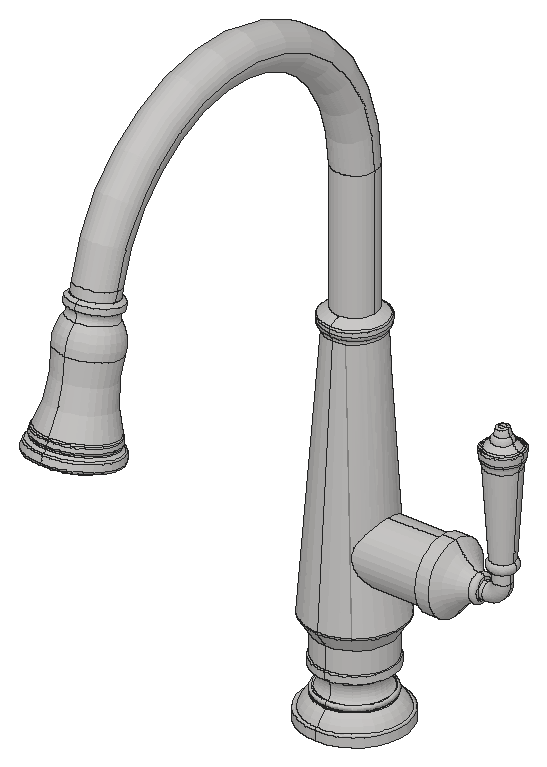
Revit family "xFaucet-Single_Control-American_Standard-Delancey_4279.300", category Plumbing Fixtures, Revit 2014
Parameters (values of type "4279.300")
  Width = 8 11/16"  # constant formula
  Waste Connection = no
  WFU = 0
  Vent Connection = no
  URL = "http://www.americanstandard-us.com"
  Product Page URL = "https://www.americanstandard-us.com/kitchens/kitchen-faucets/delancey-single-handle-pull-down-kitchen-faucet-30828"
  Product Documentation Link = "https://www.americanstandard-us.com/-/media/sites/asus/files/product-specs/kitchen-faucets/2017/specsheet-4279300.pdf?la=en"
  Price = "Prices may vary. Please consult Manufacturer Representative for most up-to-date price list."  # constant formula
  Model = "4279.300"
  Material = "Metal-American Standard-075-Stainless Steel"
  Manufacturer = "American Standard"  # constant formula
  Length = 10 3/4"  # constant formula
  Installation Type = "Deck Mounted"  # constant formula
  Hot Water Connection Diameter = 3/8"  # constant formula
  Height = 16 11/16"  # constant formula
  HWFU = 1.5
  HW Connection = yes
  Flow Rate = "1.5 gpm (5.7L/min)"  # constant formula
  Finish = Metal-American Standard-075-Stainless Steel
  Escutcheon Plate = no
  Description = "Delancey Single Control Kitchen Faucet With Pull-Down Spray"  # constant formula
  Default Elevation = 0"
  Creation Date = "05/18/2017"  # constant formula
  Cold Water Connection Diameter = 3/8"  # constant formula
  CWFU = 1.5
  CW Connection = yes
  Assembly Code = "D2020300"
  ADA Compliant = yes
Reference planes (in)
  plane 1 "Center (Front/Back)": y = 0
  plane 2: z = 0
  plane 3 "Center (Left/Right)": x = 0
  plane 4: z = 16.6875
  plane 5: z = 9.3125
  plane 6: x = 5.375
  plane 7: x = -5.375
  plane 8: z = 3.9375
  plane 9: z = 7.6875
  plane 10: y = 1.5
  plane 11: y = -1.5
  plane 12: y = -8.6875
  plane 13: y = -8.6875
  plane 14: z = 7.6875
Forms (in)
  Revolve 1, solid, material "Metal-American Standard-075-Stainless Steel" <- "Finish"
    sketch origin (0, 0, -0.43924) x (0, -1, 0) y (0, 0, 1)
      loop
        line (0, 9.50337) -> (0, 0.43924) -> (1.20314, 0.43924) -> (1.20314, 0.66198)
        arc (1.20314, 0.66198) -> (1.17532, 0.70174) -> (1.12843, 0.68924) r 0.04233
        arc (1.12843, 0.68924) -> (1.02625, 0.86915) -> (0.88513, 1.02046) r 0.88597
        line (0.88513, 1.02046) -> (0.85429, 1.02046) -> (0.85429, 1.05298)
        arc (0.85429, 1.05298) -> (0.8834, 1.11255) -> (0.83164, 1.15399) r 0.05304
        line (0.83164, 1.15399) -> (0.79831, 1.15399)
        arc (0.79831, 1.15399) -> (0.72691, 1.42043) -> (0.88513, 1.64639) r 0.32635
        line (0.88513, 1.64639) -> (0.9174, 1.66502) -> (0.9174, 1.83665)
        arc (0.9174, 1.83665) -> (0.90716, 1.85637) -> (0.88513, 1.85932) r 0.0241
        line (0.88513, 1.85932) -> (0.88513, 2.39467) -> (1.11637, 2.75074)
        arc (1.11637, 2.75074) -> (1.1245, 2.7704) -> (1.12505, 2.79168) r 0.0583
        arc (1.12505, 2.79168) -> (0.7619, 5.8867) -> (0.6553, 9.00113) r 37.74638
        arc (0.6553, 9.00113) -> (0.66926, 9.06335) -> (0.70723, 9.1148) r 0.15039
        arc (0.70723, 9.1148) -> (0.7388, 9.15665) -> (0.75, 9.20786) r 0.12262
        line (0.75, 9.20786) -> (0.75, 9.30852)
        arc (0.75, 9.30852) -> (0.74423, 9.33167) -> (0.72826, 9.34941) r 0.04932
        line (0.72826, 9.34941) -> (0.5, 9.50337) -> (0, 9.50337)
      axis (0, 9.50337) -> (0, 0.43924)
    angle from 0 to 360
  Sweep 2, solid, material "Metal-American Standard-075-Stainless Steel" <- "Finish"
    path origin (0, 0, -0.43289) x (0, 1, 0) y (0, 0, 1)
      loop
        line (0, 9.49702) -> (0, 12.62765)
        arc (0, 12.62765) -> (-3.57542, 16.59855) -> (-7.8983, 13.4578) r 3.99278
        line (-7.8983, 13.4578) -> (-7.94619, 13.23249)
    profile origin (0, 0, 10.62945) x (0, -1, 0) y (1, 0, 0)
      loop
        circle (0, 0) r 0.5
  Extrusion 3, solid, material "Metal-American Standard-002-Polished Chrome"
    sketch origin (0, 0, 0) x (1, 0, 0) y (0, 1, 0)
      loop
        circle (0.306, 0) r 0.1875
      loop
        circle (-0.306, 0) r 0.1875
    from 0 to 0.08883
  Blend 4, solid, material "Metal-American Standard-075-Stainless Steel" <- "Finish", visible <- "Escutcheon Plate"
    base sketch origin (0, 0, 0) x (1, 0, 0) y (0, 1, 0)
      loop
        arc (-4.44718, -1.07162) -> (0, -1.39209) -> (4.44718, -1.07162) r 31.01627
        arc (4.44718, -1.07162) -> (5.37473, 0) -> (4.44718, 1.07162) r 1.0828
        arc (4.44718, 1.07162) -> (0, 1.39209) -> (-4.44718, 1.07162) r 31.01627
        arc (-4.44718, 1.07162) -> (-5.37473, 0) -> (-4.44718, -1.07162) r 1.0828
    top sketch origin (0, 0, 0) x (1, 0, 0) y (0, 1, 0)
      loop
        arc (4.42925, 0.94791) -> (0, 1.26709) -> (-4.42925, 0.94791) r 30.89127
        arc (-4.42925, 0.94791) -> (-5.24973, 0) -> (-4.42925, -0.94791) r 0.9578
        arc (-4.42925, -0.94791) -> (0, -1.26709) -> (4.42925, -0.94791) r 30.89127
        arc (4.42925, -0.94791) -> (5.24973, 0) -> (4.42925, 0.94791) r 0.9578
    from 0 to 0.375
  Revolve 5, solid, material "Metal-American Standard-075-Stainless Steel" <- "Finish"
    sketch origin (0, -0.60057, -0.03208) x (0, 1, 0) y (0, 0, 1)
      loop
        line (-7.34572, 12.83171) -> (-7.85255, 12.93944) -> (-7.96226, 12.88828) -> (-7.99228, 12.74705)
        arc (-7.99228, 12.74705) -> (-7.93351, 12.62122) -> (-7.99028, 12.49447) r 0.16693
        arc (-7.99028, 12.49447) -> (-8.20187, 12.21533) -> (-8.28705, 11.87557) r 0.87519
        arc (-8.28705, 11.87557) -> (-8.43095, 11.05784) -> (-8.78026, 10.30459) r 3.20214
        arc (-8.78026, 10.30459) -> (-8.79607, 10.28635) -> (-8.81656, 10.27359) r 0.08088
        arc (-8.81656, 10.27359) -> (-8.8299, 10.26398) -> (-8.83797, 10.24966) r 0.03822
        line (-8.83797, 10.24966) -> (-8.86929, 10.14708)
        arc (-8.86929, 10.14708) -> (-8.87014, 10.13164) -> (-8.86374, 10.11757) r 0.03238
        arc (-8.86374, 10.11757) -> (-8.85607, 10.09689) -> (-8.86195, 10.07563) r 0.03588
        arc (-8.86195, 10.07563) -> (-8.90225, 10.03828) -> (-8.95528, 10.02389) r 0.115
        arc (-8.95528, 10.02389) -> (-8.97778, 10.01638) -> (-8.99218, 9.99752) r 0.04035
        line (-8.99218, 9.99752) -> (-9.04972, 9.84166)
        arc (-9.04972, 9.84166) -> (-9.0502, 9.82559) -> (-9.04088, 9.81249) r 0.02525
        line (-9.04088, 9.81249) -> (-8.91304, 9.71961)
        arc (-8.91304, 9.71961) -> (-8.63206, 9.54043) -> (-8.33147, 9.39656) r 2.74943
        line (-8.33147, 9.39656) -> (-8.24232, 9.81598) -> (-7.99778, 9.764) -> (-7.34572, 12.83171)
      axis (-8.08693, 9.34458) -> (-7.34572, 12.83171)
    angle from 0 to 360
  Extrusion 6, solid, material "Metal-American Standard-075-Stainless Steel" <- "Finish"
    sketch origin (6.53108, -7.58106, -0.07058) x (1, 0, 0) y (0, 0.139173, 0.990268)
      loop
        circle (-6.52167, 11.72912) r 0.25
      loop
        arc (-6.30195, 10.99907) -> (-6.5362, 11.36791) -> (-6.72607, 10.97438) r 0.25
        arc (-6.72607, 10.97438) -> (-6.64792, 10.72771) -> (-6.72607, 10.48103) r 0.4284
        arc (-6.72607, 10.48103) -> (-6.5362, 10.0875) -> (-6.30195, 10.45634) r 0.25
        arc (-6.30195, 10.45634) -> (-6.37085, 10.72771) -> (-6.30195, 10.99907) r 0.56884
    from 1.49579 to 1.72585
  Revolve 7, solid, material "Metal-American Standard-075-Stainless Steel" <- "Finish"
    sketch origin (0, 0, 0) x (1, 0, 0) y (0, 0, 1)
      loop
        line (2.15939, 4.6875) -> (0, 4.6875) -> (0, 3.9375) -> (3.18784, 3.9375) -> (3.18784, 4.18441)
        arc (3.18784, 4.18441) -> (3.12468, 4.26045) -> (3.03015, 4.23154) r 0.0892
        arc (3.03015, 4.23154) -> (2.71598, 4.46401) -> (2.47795, 4.774) r 1.40581
        line (2.47795, 4.774) -> (2.15939, 4.774) -> (2.15939, 4.6875)
      axis (3.18784, 3.9375) -> (0, 3.9375)
    angle from 0 to 360
  Sweep 8, solid, material "Metal-American Standard-075-Stainless Steel" <- "Finish"
    path origin (0, 0, 0) x (1, 0, 0) y (0, 0, 1)
      loop
        line (3.18784, 3.9375) -> (3.29963, 3.9375)
        arc (3.29963, 3.9375) -> (3.54099, 4.03747) -> (3.64096, 4.27883) r 0.34133
        line (3.64096, 4.27883) -> (3.64096, 4.52883)
    profile origin (3.24373, 0, 3.9375) x (0, 0, 1) y (0, -1, 0)
      loop
        circle (0, 0) r 0.20249
  Revolve 9, solid, material "Metal-American Standard-075-Stainless Steel" <- "Finish"
    sketch origin (0, 0, 0) x (1, 0, 0) y (0, 0, 1)
      loop
        line (3.64096, 7.6875) -> (3.64096, 4.52883) -> (3.84345, 4.52883)
        arc (3.84345, 4.52883) -> (3.96845, 4.62475) -> (3.90816, 4.77032) r 0.12941
        arc (3.90816, 4.77032) -> (3.96498, 5.79769) -> (4.04347, 6.82364) r 48.74114
        arc (4.04347, 6.82364) -> (4.05894, 6.90732) -> (4.09009, 6.9865) r 0.44413
        arc (4.09009, 6.9865) -> (4.09921, 7.00939) -> (4.10401, 7.03355) r 0.13483
        line (4.10401, 7.03355) -> (4.12247, 7.2092)
        arc (4.12247, 7.2092) -> (4.11752, 7.22443) -> (4.10289, 7.23095) r 0.01969
        line (4.10289, 7.23095) -> (4.05929, 7.23095)
        arc (4.05929, 7.23095) -> (4.03927, 7.23466) -> (4.02191, 7.2453) r 0.05587
        line (4.02191, 7.2453) -> (3.88251, 7.37081)
        arc (3.88251, 7.37081) -> (3.86423, 7.452) -> (3.81299, 7.51758) r 0.18993
        arc (3.81299, 7.51758) -> (3.80064, 7.59013) -> (3.7778, 7.66009) r 0.50147
        arc (3.7778, 7.66009) -> (3.76155, 7.68001) -> (3.73695, 7.6875) r 0.04415
        line (3.73695, 7.6875) -> (3.64096, 7.6875)
      axis (3.64096, 4.52883) -> (3.64096, 7.6875)
    angle from 0 to 360
Cuts and joins
  joined: Revolve 1, Sweep 2, Revolve 5, Extrusion 6, Revolve 7, Sweep 8, Revolve 9
Lines and regions (in)
  Masking region 1
    outline origin (0, 0, 0) x (1, 0, 0) y (0, 1, 0)
      loop
        arc (0.9411, 0.74958) -> (-0.94796, 0.74088) -> (-0.5, -1.09432) r 1.20314
        line (-0.5, -1.09432) -> (-0.5, -7.61389)
        arc (-0.5, -7.61389) -> (-0.59151, -7.71633) -> (-0.66066, -7.83501) r 0.68274
        arc (-0.66066, -7.83501) -> (0.00067, -9.65416) -> (0.662, -7.83501) r 1.02978
        arc (0.662, -7.83501) -> (0.59132, -7.71603) -> (0.5, -7.61204) r 0.75082
        line (0.5, -7.61204) -> (0.5, -1.09432)
        arc (0.5, -1.09432) -> (0.74088, -0.94796) -> (0.9411, -0.74958) r 1.20314
        line (0.9411, -0.74958) -> (2.15939, -0.74958) -> (2.15939, -0.8365) -> (2.47395, -0.8365)
        arc (2.47395, -0.8365) -> (2.71296, -0.52519) -> (3.03015, -0.29404) r 1.3757
        arc (3.03015, -0.29404) -> (3.1249, -0.3237) -> (3.18784, -0.24691) r 0.08872
        line (3.18784, -0.24691) -> (3.18784, -0.16075)
        arc (3.18784, -0.16075) -> (4.12176, 0) -> (3.18784, 0.16075) r 0.48079
        line (3.18784, 0.16075) -> (3.18784, 0.24691)
        arc (3.18784, 0.24691) -> (3.1249, 0.3237) -> (3.03015, 0.29404) r 0.08872
        arc (3.03015, 0.29404) -> (2.71296, 0.52519) -> (2.47395, 0.8365) r 1.3757
        line (2.47395, 0.8365) -> (2.15939, 0.8365) -> (2.15939, 0.74958) -> (0.9411, 0.74958)
  Masking region 2, visible <- "Escutcheon Plate"
    outline origin (0, 0, 0) x (1, 0, 0) y (0, 1, 0)
      loop
        arc (-4.44718, 1.07162) -> (-5.37473, 0) -> (-4.44718, -1.07162) r 1.0828
        arc (-4.44718, -1.07162) -> (0, -1.39209) -> (4.44718, -1.07162) r 31.01627
        arc (4.44718, -1.07162) -> (5.37473, 0) -> (4.44718, 1.07162) r 1.0828
        arc (4.44718, 1.07162) -> (0, 1.39209) -> (-4.44718, 1.07162) r 31.01627
  symbolic lines, detail levels medium+fine
    curve 1: arc (-0.5, 0, 0) -> (0, 0.5, 0) -> (0.5, 0, 0) r 0.5
    curve 2: line (-0.5, 0, 0) -> (-0.5, -1.09432, 0)
    curve 3: line (0.5, 0, 0) -> (0.5, -1.09432, 0)
    curve 4: line (2.15939, 0.75, 0) -> (2.15939, -0.75, 0)
    curve 5: line (3.03015, 0.29404, 0) -> (3.03015, -0.29404, 0)
    curve 6: line (0.93894, 0.75, 0) -> (0.51053, 0.75, 0)
    curve 7: line (0.93894, -0.75, 0) -> (0.51053, -0.75, 0)
    curve 8: arc (0.51053, 0.75, 0) -> (0.8288, 0, 0) -> (0.51053, -0.75, 0) r 1.04282
    curve 21: line (-0.5, -7.6083, 0) -> (-0.5, -7.92969, 0)
    curve 22: line (0.5, -7.6083, 0) -> (0.5, -7.92969, 0)
    curve 23: arc (0.5, -7.92969, 0) -> (0, -8.42969, 0) -> (-0.5, -7.92969, 0) r 0.5
  symbolic lines, detail levels fine
    curve 9: line (2.47795, 0.8365, 0) -> (2.47795, -0.8365, 0)
    curve 10: arc (-0.5, -0.54716, 0) -> (0, 0.75037, 0) -> (0.5, -0.54716, 0) r 0.7451
    curve 11: circle (3.64096, 0, 0) r 0.12464 normal (0, 0, 1)
    curve 12: circle (3.64096, 0, 0) r 0.17203 normal (0, 0, -1)
    curve 13: circle (3.64096, 0, 0) r 0.24155 normal (0, 0, 1)
    curve 14: arc (0.84312, 0.75, 0) -> (-0.89736, 0.68418, 0) -> (-0.5, -1.01161, 0) r 1.12843
    curve 15: arc (0.5, -1.01161, 0) -> (0.68418, -0.89736, 0) -> (0.84312, -0.75, 0) r 1.12843
    curve 16: line (3.18784, 0.16075, 0) -> (3.18784, -0.16075, 0)
    curve 24: arc (-0.70941, -7.95507, 0) -> (0.00494, -9.46945, 0) -> (0.70852, -7.95004, 0) r 0.92413
    curve 25: arc (0.662, -7.82943, 0) -> (0.69086, -7.88757, 0) -> (0.70852, -7.95004, 0) r 0.35097
    curve 26: arc (-0.662, -7.82943, 0) -> (-0.69177, -7.88996, 0) -> (-0.70941, -7.95507, 0) r 0.35097
    curve 27: arc (-0.5, -7.6083, 0) -> (0, -8.5595, 0) -> (0.5, -7.6083, 0) r 0.60701
    curve 28: arc (-0.70941, -7.95507, 0) -> (0.00166, -8.87992, 0) -> (0.71272, -7.95507, 0) r 0.73577
  symbolic lines, visible <- "Escutcheon Plate", detail levels fine
    curve 17: arc (4.42925, 0.94791, 0) -> (0, 1.26709, 0) -> (-4.42925, 0.94791, 0) r 30.89127
    curve 18: arc (-4.42925, 0.94791, 0) -> (-5.24973, 0, 0) -> (-4.42925, -0.94791, 0) r 0.9578
    curve 19: arc (-4.42925, -0.94791, 0) -> (0, -1.26709, 0) -> (4.42925, -0.94791, 0) r 30.89127
    curve 20: arc (4.42925, -0.94791, 0) -> (5.24973, 0, 0) -> (4.42925, 0.94791, 0) r 0.9578
Dimensions and locks (in)
  plane 4 to plane 2 = 16 11/16"
  plane 5 to plane 2 = 9 5/16"
  plane 7 to plane 6 = 10 3/4"  (x2)
  plane 8 to plane 2 = 3 15/16"
  plane 13 to plane 1 "Center (Front/Back)" = 8 11/16"
  plane 4 to level = 16 11/16"
  plane 5 to level = 9 5/16"
  plane 8 to level = 3 15/16"
  plane 9 to plane 8 = 3 3/4"
Connectors (in)
  piping at (-0.306, 0, 0), diameter 0.375, driven by "HWFU", driven by "Hot Water Connection Diameter"
    settings: on Extrusion 3, index 1, connector inside diameter 24", connector length 0", flow factor 0, pipe flow 0 GPM, pressure drop 0.00 psi, fitting loss kfactor 0, connector angle 0.00°, fixture units 1.5, engagement length 0", angle of deflection 0.00°, flow configuration 3, flow direction 1, fitting loss method 0, system type 19, joint type 0, gender type 0, connector reference index -1, connector utility 0, adjustable connector no, is connector primary yes, connector description "3/8\" HW Inlet Supply"
  piping at (0.306, 0, 0), diameter 0.375, driven by "CWFU", driven by "Cold Water Connection Diameter"
    settings: on Extrusion 3, index 2, connector inside diameter 24", connector length 0", flow factor 0, pipe flow 0 GPM, pressure drop 0.00 psi, fitting loss kfactor 0, connector angle 0.00°, fixture units 1.5, engagement length 0", angle of deflection 0.00°, flow configuration 3, flow direction 1, fitting loss method 0, system type 20, joint type 0, gender type 0, connector reference index -1, connector utility 0, adjustable connector no, is connector primary no, connector description "3/8\" CW Inlet Supply"
